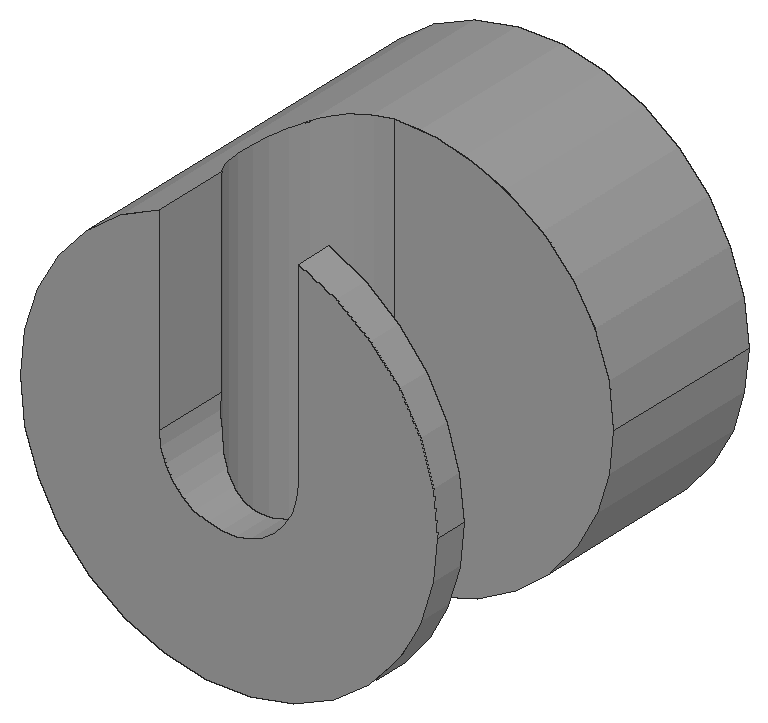
Revit family "T68", category Generic Models, Revit 2012
Parameters (values of type "Standard")
  e-mail = "info@vola.com"
  URL = "http://vola.com"
  Telephone = "+45 7023 5500"
  Quality management standard = ""
  Organisation no. / DUNS no. = "17531328"
  Occupational health and safety management standard = ""
  Mounting Instructions = ""
  Model = ""
  Materials and components information = ""
  Manufacturer = "VOLA A/S"
  Maintenance Instructions = ""
  Guarantee = ""
  Flow = ""
  Environmental management standard = ""
  Connection - All relevant connections = ""
  Approvals = ""
Reference planes
  plane 1 "Center (Front/Back)": y = 0
  plane 2: z = 0
  plane 3 "Center (Left/Right)": x = 0
Forms (mm)
  Extrusion 1, solid, material "Grey Coating"
    sketch origin (-24.5, -40, 1219.2) x (-1, 0, 0) y (0, 0, 1)
      loop
        circle (-24.5, -1219.2) r 21.5
    from 0 to 40
  Extrusion 2, void
    sketch origin (-24.5, -40, 1219.2) x (1, 0, 0) y (0, 0, 1)
      loop
        arc (17.35, -1219.2) -> (24.5, -1226.35) -> (31.65, -1219.2) r 7.15
        line (31.65, -1219.2) -> (31.65, -1198.924)
        arc (31.65, -1198.924) -> (24.5, -1197.7) -> (17.35, -1198.924) r 21.5
        line (17.35, -1198.924) -> (17.35, -1219.2)
    from 0 to -13
  Extrusion 3, void
    sketch origin (0, 6.5, 0) x (1, 0, 0) y (0, 1, 0)
      loop
        arc (-0.387, -24.749) -> (-8.75, -33.49) -> (-0.387, -42.231) r 8.75
        line (-0.387, -42.231) -> (21.5, -43.2) -> (26.5, -43.2) -> (26.5, -23.78) -> (21.5, -23.78) -> (-0.387, -24.749)
    from -25 to 25
Cuts and joins
  Extrusion 2, Extrusion 3 cuts Extrusion 1
Dimensions and locks
  aligned and locked: plane 2 to level
